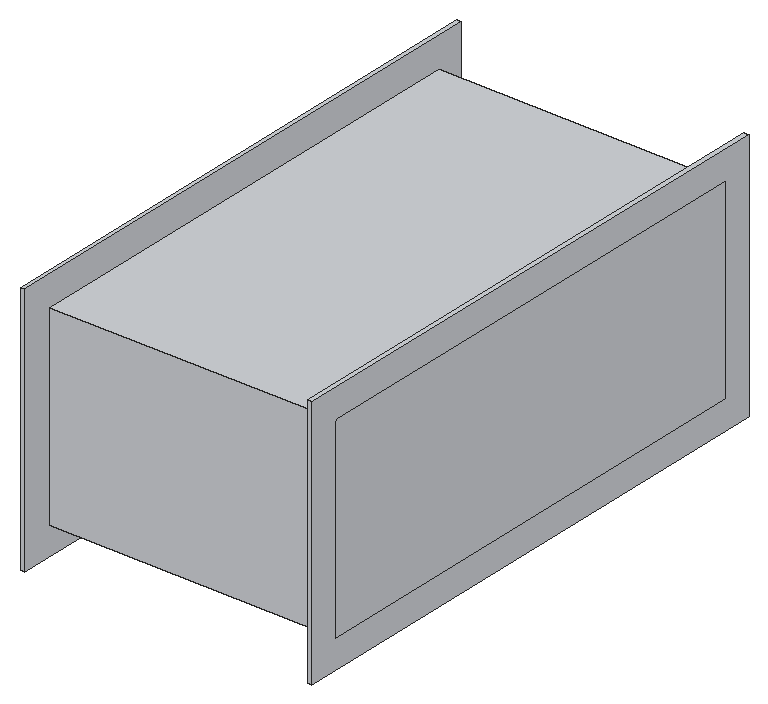
Revit family "RLT_RE Brandschutz- Entrauchungsklappe - Flansch", category Luftkanalzubehör, Revit 2017
Family settings
  Bemaßung runder Anschluss = Durchmesser verwenden
  Teiletyp = Klappe
  OmniClass-Nummer = 23.60.70.11.11
  OmniClass-Titel = Fire Dampers
  Arbeitsebenenbasiert = Nein
  Immer vertikal = Ja
  Beim Laden mit Abzugskörper schneiden = Nein
  Gemeinsam genutzt = Nein
Parameters (values of type "Brandschutzklappe")
  Motorklappe [instance] = yes
  Entrauchungsklappe = no
  Breite [instance] = 500 mm
  Druckverlust [instance] = 0.00 in-wg
  Länge [instance] = 300 mm
  Höhe [instance] = 200 mm
  Flanschstärke = 5 mm
  Flanschbreite = 30 mm
  Widerstandsbeiwert [instance] = 0
  Brandschutzklappe = yes
  Bauelement = "BSK"
Types (2, lengths in mm): name | Entrauchungsklappe | Brandschutzklappe | Bauelement
  Brandschutzklappe | no | yes | "BSK"
  Entrauchungsklappe | yes | no | "ERK"
Reference planes
  plane 1 "Mitte (Vorne/Hinten)": y = 0
  plane 2: z = 0
  plane 3 "Mitte (Links/Rechts)": x = 0
  plane 4: y = 250
  plane 5: y = -250
  plane 6: x = -150
  plane 7: x = 150
  plane 8: z = 100
  plane 9: z = -100
  plane 10: z = 130
  plane 11: y = -280
  plane 12: z = -130
  plane 13: y = 280
  plane 14: x = -145
  plane 15: x = 145
  plane 16: x = -115
Forms (mm)
  Extrusion 1, solid, detail levels medium+fine
    sketch origin (-150, 397.271, 1219.2) x (0, 1, 0) y (0, 0, 1)
      loop
        line (-147.271, -1119.2) -> (-647.271, -1119.2) -> (-647.271, -1319.2) -> (-147.271, -1319.2) -> (-147.271, -1119.2)
    from 0 to 300
  Extrusion 2, solid, detail levels fine
    sketch origin (-150, 397.271, 1219.2) x (0, 1, 0) y (0, 0, 1)
      loop
        line (-117.271, -1089.2) -> (-677.271, -1089.2) -> (-677.271, -1349.2) -> (-117.271, -1349.2) -> (-117.271, -1089.2)
    from 0 to 5
  Extrusion 3, solid, detail levels fine
    sketch origin (150, 397.271, 1219.2) x (0, 1, 0) y (0, 0, -1)
      loop
        line (-117.271, 1089.2) -> (-117.271, 1349.2) -> (-677.271, 1349.2) -> (-677.271, 1089.2) -> (-117.271, 1089.2)
    from 0 to 5
Lines and regions (mm)
  model lines, detail levels coarse
    curve 1: line (-150, 250, 0) -> (150, 250, 0)
    curve 2: line (-150, -250, 0) -> (-150, 250, 0)
    curve 3: line (150, -250, 0) -> (-150, -250, 0)
    curve 4: line (150, 250, 0) -> (150, -250, 0)
    curve 5: line (-150, -208.66, 0) -> (114.808, 250, 0)
    curve 6: line (-115, -250, 0) -> (150, 208.993, 0)
    curve 7: circle (0, 0, 0) r 25 normal (0, 0, 1)
  model lines, style "Symbol", visible <- "Brandschutzklappe", detail levels medium+fine
    curve 8: line (-145, -200, 100) -> (114.808, 250, 100)
    curve 9: line (145, 200.333, 100) -> (-115, -250, 100)
    curve 12: line (-145, -250, -81.845) -> (114.701, -250, 100)
    curve 13: line (-115, -250, -100) -> (145, -250, 82.054)
    curve 15: line (114.701, 250, 100) -> (-145, 250, -81.845)
    curve 16: line (-115, 250, -100) -> (145, 250, 82.054)
  model lines, style "Symbol", detail levels medium+fine
    curve 10: circle (0, 0, 100) r 25 normal (0, 0, 1)
    curve 11: circle (0, -250, 0) r 15 normal (0, -1, 0)
    curve 14: circle (0, 250, 0) r 15 normal (0, 1, 0)
  model lines, style "Symbol", detail levels coarse
    curve 17: line (-150, 0, 100) -> (150, 0, 100)
    curve 18: line (-150, 0, -100) -> (-150, 0, 100)
    curve 19: line (150, 0, -100) -> (-150, 0, -100)
    curve 20: line (150, 0, 100) -> (150, 0, -100)
    curve 23: circle (0, 0, 0) r 15 normal (0, -1, 0)
    curve 24: line (0, 250, 100) -> (0, -250, 100)
    curve 25: line (0, 250, -100) -> (0, 250, 100)
    curve 26: line (0, -250, -100) -> (0, 250, -100)
    curve 27: line (0, -250, 100) -> (0, -250, -100)
  model lines, style "Symbol", visible <- "Brandschutzklappe", detail levels coarse
    curve 21: line (-115, 0, -100) -> (145, 0, 82.054)
    curve 22: line (114.701, 0, 100) -> (-145, 0, -81.845)
  symbolic lines
    curve 28: line (-150, 250, 0) -> (150, 250, 0)
    curve 29: line (-150, -250, 0) -> (-150, 250, 0)
    curve 30: line (150, -250, 0) -> (-150, -250, 0)
    curve 31: line (150, 250, 0) -> (150, -250, 0)
  model lines, style "Symbol", visible <- "Entrauchungsklappe", detail levels medium+fine
    curve 32: line (-150, -250, 100) -> (150, 250, 100)
    curve 33: line (-150, -250, -100) -> (150, -250, 100)
    curve 34: line (-150, 250, -100) -> (150, 250, 100)
  model lines
    curve 35: line (150, -250, -100) -> (150, 250, 100)
    curve 36: circle (150, 0, 0) r 25 normal (1, 0, 0)
    curve 40: circle (-150, 0, 0) r 25 normal (1, 0, 0)
  model lines, visible <- "Entrauchungsklappe", detail levels medium+fine
    curve 37: line (150, -250, -100) -> (150, 250, 100)
    curve 41: line (-150, -250, -100) -> (-150, 250, 100)
  model lines, visible <- "Brandschutzklappe", detail levels medium+fine
    curve 38: line (150, -250, -73.074) -> (150, 182.685, 100)
    curve 39: line (150, -182.685, -100) -> (150, 250, 73.074)
    curve 42: line (-150, -182.685, -100) -> (-150, 250, 73.074)
    curve 43: line (-150, -250, -73.074) -> (-150, 182.685, 100)
Dimensions and locks
  equal spacing: plane 6, plane 3 "Mitte (Links/Rechts)", plane 7
  "Länge": plane 6 to plane 7
  equal spacing: plane 5, plane 1 "Mitte (Vorne/Hinten)", plane 4
  equal spacing: plane 8, level, plane 9
  "Höhe": plane 8 to plane 9
  "Breite": plane 5 to plane 4
  "Flanschbreite": plane 10 to plane 8
  "Flanschbreite": plane 12 to plane 9
  "Flanschbreite": plane 13 to plane 4
  "Flanschbreite": plane 5 to plane 11
  "Flanschstärke": plane 6 to plane 14
  "Flanschstärke": plane 15 to plane 7
  locked: plane 6 to plane 16 at 35
  radius of curve 7 = 25 mm
  radius of curve 10 = 25 mm
  radius of curve 11 = 15 mm
  radius of curve 14 = 15 mm
  radius of curve 23 = 15 mm
  aligned and locked: plane 2 to level
  aligned and locked: plane 7 to Extrusion 1
  aligned and locked: Extrusion 1 to plane 6
  aligned and locked: plane 8 to Extrusion 1
  aligned and locked: plane 9 to Extrusion 1
  aligned and locked: plane 5 to Extrusion 1
  aligned and locked: plane 4 to Extrusion 1
  aligned and locked: plane 14 to Extrusion 2
  aligned and locked: Extrusion 2 to plane 6
  aligned and locked: Extrusion 3 to plane 15
  aligned and locked: plane 7 to Extrusion 3
  aligned and locked: curve 2 to Extrusion 1
  aligned and locked: curve 4 to Extrusion 1
  aligned and locked: curve 8 to curve 12
  aligned and locked: plane 14 to curve 12
  aligned and locked: plane 9 to curve 13
  aligned and locked: plane 15 to curve 13
  aligned and locked: curve 16 to curve 13
  aligned and locked: curve 15 to curve 12
  aligned and locked: curve 17 to Extrusion 1
  aligned and locked: curve 18 to Extrusion 1
  aligned and locked: curve 19 to Extrusion 1
  aligned and locked: curve 20 to Extrusion 1
  aligned and locked: curve 24 to Extrusion 1
  aligned and locked: curve 25 to Extrusion 1
  aligned and locked: curve 26 to Extrusion 1
  aligned and locked: curve 27 to Extrusion 1
  aligned and locked: curve 28 to curve 1
  aligned and locked: curve 29 to curve 2
  aligned and locked: curve 30 to curve 3
  aligned and locked: curve 31 to curve 4
  aligned and locked: curve 32 to curve 2
  aligned and locked: curve 32 to curve 4
  aligned and locked: curve 33 to curve 20
  aligned and locked: curve 33 to curve 18
  aligned and locked: curve 34 to curve 20
  aligned and locked: curve 34 to curve 18
  aligned and locked: curve 25 to curve 39
  aligned and locked: curve 26 to curve 39
  aligned and locked: curve 27 to curve 38
  aligned and locked: curve 24 to curve 38
  aligned and locked: plane 11 to nested 1
Automatic sketch dimensions
  Extrusion 2 sketch curve to plane 10 = 0 mm
  Extrusion 2 sketch curve to plane 11 = 0 mm
  plane 12 to Extrusion 2 sketch curve = 0 mm
  Extrusion 2 sketch curve to plane 13 = 0 mm
  Extrusion 3 sketch curve to plane 10 = 0 mm
  Extrusion 3 sketch curve to plane 11 = 0 mm
  plane 12 to Extrusion 3 sketch curve = 0 mm
  Extrusion 3 sketch curve to plane 13 = 0 mm
  Extrusion 1 sketch curve to plane 5 = 0 mm
  Extrusion 1 sketch curve to plane 4 = 0 mm
  plane 9 to Extrusion 1 sketch curve = 0 mm
  Extrusion 1 sketch curve to plane 8 = 0 mm
  plane 5 to curve 32 = 0 mm
  plane 5 to curve 9 = 0 mm
  curve 8 to plane 14 = 0 mm
  plane 1 "Mitte (Vorne/Hinten)" to curve 10 = 0 mm
  curve 9 to plane 15 = 0 mm
  curve 32 to plane 4 = 0 mm
  curve 8 to plane 4 = 0 mm
  curve 10 to plane 3 "Mitte (Links/Rechts)" = 0 mm
  curve 9 to plane 16 = 0 mm
  curve 8 to plane 5 = 50 mm
  curve 9 to plane 4 = 49.667 mm
  curve 8 to plane 15 = 30.192 mm
  plane 16 to curve 13 = 0 mm
  curve 11 to level = 0 mm
  curve 11 to plane 3 "Mitte (Links/Rechts)" = 0 mm
  curve 33 to plane 9 = 0 mm
  curve 33 to plane 8 = 0 mm
  curve 12 to plane 15 = 30.299 mm
  curve 12 to plane 9 = 18.155 mm
  curve 13 to plane 8 = 17.946 mm
  curve 16 to plane 15 = 0 mm
  curve 15 to plane 8 = 0 mm
  curve 14 to level = 0 mm
  curve 14 to plane 3 "Mitte (Links/Rechts)" = 0 mm
  curve 16 to plane 9 = 0 mm
  curve 15 to plane 14 = 0 mm
  curve 34 to plane 9 = 0 mm
  curve 34 to plane 8 = 0 mm
  plane 5 to curve 3 = 0 mm
  curve 2 to plane 4 = 0 mm
  curve 6 to plane 16 = 0 mm
  plane 1 "Mitte (Vorne/Hinten)" to curve 7 = 0 mm
  curve 7 to plane 3 "Mitte (Links/Rechts)" = 0 mm
  curve 5 to plane 15 = 30.192 mm
  curve 2 to curve 5 = 41.34 mm
  curve 6 to plane 4 = 41.007 mm
  curve 22 to plane 14 = 0 mm
  plane 16 to curve 21 = 0 mm
  curve 23 to level = 0 mm
  curve 23 to plane 3 "Mitte (Links/Rechts)" = 0 mm
  curve 21 to plane 15 = 0 mm
  curve 22 to plane 15 = 30.299 mm
  curve 22 to plane 9 = 18.155 mm
  curve 21 to plane 8 = 17.946 mm
  curve 37 to plane 5 = 0 mm
  curve 35 to plane 5 = 0 mm
  curve 36 to level = 0 mm
  curve 36 to plane 1 "Mitte (Vorne/Hinten)" = 0 mm
  curve 37 to plane 4 = 0 mm
  curve 35 to plane 4 = 0 mm
  plane 9 to curve 37 = 0 mm
  plane 9 to curve 35 = 0 mm
  curve 35 to plane 8 = 0 mm
  curve 37 to plane 8 = 0 mm
  curve 35 to curve 39 = 67.315 mm
  curve 38 to plane 4 = 67.315 mm
  curve 38 to plane 9 = 26.926 mm
  curve 39 to curve 37 = 26.926 mm
  curve 41 to plane 5 = 0 mm
  curve 43 to plane 5 = 0 mm
  plane 9 to curve 42 = 0 mm
  curve 40 to level = 0 mm
  curve 40 to plane 1 "Mitte (Vorne/Hinten)" = 0 mm
  curve 43 to plane 8 = 0 mm
  curve 42 to plane 4 = 0 mm
  curve 41 to plane 4 = 0 mm
  plane 9 to curve 41 = 0 mm
  curve 41 to plane 8 = 0 mm
  curve 42 to plane 5 = 67.315 mm
  curve 43 to curve 41 = 67.315 mm
  curve 41 to curve 43 = 26.926 mm
  curve 42 to curve 41 = 26.926 mm
  radius of curve 36 = 25 mm
  radius of curve 40 = 25 mm
Nested families
  nested 1: "XXX_RLT-Motorsymbol" at (-115, -280, 0), visible <- "Motorklappe", type "XXX_RLT-Motorsymbol"
Connectors
  hvac at (-150, 0, 0), driven by "Widerstandsbeiwert", driven by "Höhe", driven by "Breite"
    settings: on Extrusion 1, index 1, duct flow 0 CFM, flow factor 0, pres drop 0.00 in-wg, loss coef 0, conn angle 0.00°, conn width 500 mm, conn height 200 mm, conn diameter 609.6 mm, duct sys type 29, conn prof type 1, flow config 0, flow direction 0, loss method 6, conn ref index 2, conn util no, is conn primary yes, conn desc ""
  hvac at (150, 0, 0), driven by "Widerstandsbeiwert", driven by "Breite", driven by "Höhe"
    settings: on Extrusion 1, index 2, duct flow 0 CFM, flow factor 0, pres drop 0.00 in-wg, loss coef 0, conn angle 0.00°, conn width 500 mm, conn height 200 mm, conn diameter 609.6 mm, duct sys type 29, conn prof type 1, flow config 0, flow direction 0, loss method 6, conn ref index 1, conn util no, is conn primary no, conn desc ""
Definition of nested family "XXX_RLT-Motorsymbol"
  Reference planes
    plane 1: y = 0
    plane 2: x = 0
  Lines and regions (mm)
    detail lines
      curve 1: circle (0, -1.553, 0) r 1.553 normal (0, 0, 1)
  Text (mm)
    text "M" at (0.034, 0.184, 0)
